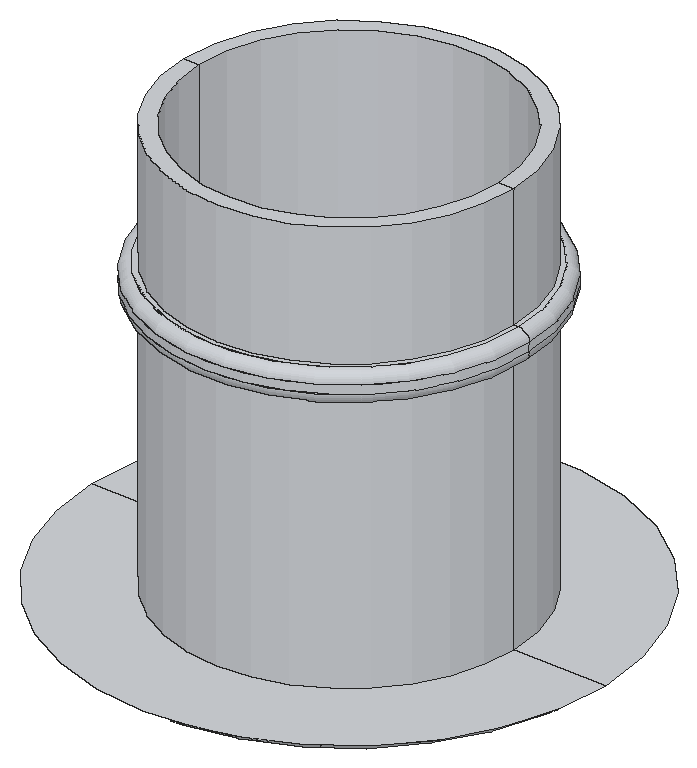
Revit family "TJ", category Air Terminals, Revit 2012
Parameters (values of type "TJ-V1-06")
  N = 5"
  M = J / 6  # 0.27778"
  J = 1.66667"
  H1 = H / 20  # 0.19375"
  H = 3 7/8"
  G = 3.33333"
  D = 6"
Types (3): name | M | J | G | D
  (no name) | 0.27778" | 1.66667" | 3.33333" | 6"
  TJ-V1-06 | 0.27778" | 1.66667" | 3.33333" | 6"
  TJ-V1-08 | 1/4" | 1 1/2" | 5 1/8" | 8"
Reference planes (in)
  plane 1 "Center (Front/Back)": y = 0
  plane 2: z = 0
  plane 3 "Center (Left/Right)": x = 0
  plane 4: x = -3
  plane 5: x = 3
  plane 6: x = -4.66667
  plane 7: x = 4.66667
  plane 8: z = 0.5
  plane 9: z = 8
  plane 10: z = 5.5
  plane 11: z = 5.77778
  plane 12: z = 5.22222
  plane 13: x = -3.27778
  plane 14: x = -2.72222
  plane 15: z = 3.875
  plane 16: x = -1.66667
  plane 17: x = 1.66667
  plane 18: z = 4.06875
  plane 19: z = 3.68125
Forms (in)
  Revolve 1, solid
    sketch origin (0, 0, 0) x (1, 0, 0) y (0, 0, 1)
      loop
        line (-3, 8) -> (-3, 5.77778) -> (-3.09028, 5.77778)
        arc (-3.09028, 5.77778) -> (-3.22286, 5.72286) -> (-3.27778, 5.59028) r 0.1875
        line (-3.27778, 5.59028) -> (-3.27778, 5.4375)
        arc (-3.27778, 5.4375) -> (-3.21472, 5.28528) -> (-3.0625, 5.22222) r 0.21528
        line (-3.0625, 5.22222) -> (-3, 5.22222) -> (-3, 0.5) -> (-4.66667, 0.5)
        arc (-4.66667, 0.5) -> (-4.01585, 0.12881) -> (-3.27778, 0) r 2.17901
        arc (-3.27778, 0) -> (-2.94633, 0.19037) -> (-2.72222, 0.5) r 0.91057
        line (-2.72222, 0.5) -> (-2.72222, 8) -> (-3, 8)
      axis (0, 8) -> (0, 0)
    angle from 0 to 360
  Revolve 2, solid
    sketch origin (0, 0, 0) x (1, 0, 0) y (0, 0, 1)
      loop
        line (0, 4.06875) -> (-1.66667, 4.06875) -> (-1.66667, 3.68125) -> (0, 3.68125) -> (0, 4.06875)
      axis (0, 4.06875) -> (0, 3.68125)
    angle from 0 to 360
Dimensions and locks (in)
  equal spacing: plane 5, plane 3 "Center (Left/Right)", plane 4
  "D": plane 5 to plane 4
  equal spacing: plane 7, plane 3 "Center (Left/Right)", plane 6
  "J": plane 4 to plane 6
  plane 9 to level = 8"
  plane 8 to level = 1/2"
  "N": plane 10 to plane 8
  equal spacing: plane 11, plane 10, plane 12
  "M": plane 11 to plane 10
  "M": plane 14 to plane 4
  "M": plane 4 to plane 13
  "H": plane 15 to level
  equal spacing: plane 17, plane 3 "Center (Left/Right)", plane 16
  "G": plane 17 to plane 16
  "H1": plane 18 to plane 15
  "H1": plane 15 to plane 19
  aligned and locked: plane 2 to level
Automatic sketch dimensions
  Revolve 1 sketch curve to plane 6 = 0"
  Revolve 1 sketch curve to level = 0"
  Revolve 1 sketch curve to plane 13 = 0"  (x2)
  Revolve 1 sketch curve to plane 11 = 0"
  Revolve 1 sketch curve to plane 12 = 0"
  plane 4 to Revolve 1 sketch curve = 0"
  Revolve 1 sketch curve to plane 4 = 0"
  Revolve 1 sketch curve to plane 9 = 0"
  Revolve 1 sketch curve to plane 14 = 0"
  Revolve 1 sketch curve to plane 3 "Center (Left/Right)" = 0"
  Revolve 1 sketch curve to plane 8 = 0"  (x2)
  Revolve 1 sketch curve to plane 13 = 0.2777"
  Revolve 1 sketch curve to plane 4 = 0.09028"
  Revolve 1 sketch curve to plane 4 = 1/16"
  Revolve 1 sketch curve to level = 2"
  Revolve 1 sketch curve to plane 9 = 1"
  Revolve 2 sketch curve to plane 16 = 0"
  Revolve 2 sketch curve to plane 3 "Center (Left/Right)" = 0"  (x2)
  Revolve 2 sketch curve to plane 19 = 0"
  Revolve 2 sketch curve to plane 18 = 0"
  Revolve 2 sketch curve to plane 19 = 0.47588"
  Revolve 2 sketch curve to Revolve 2 sketch curve = 0.31616"
